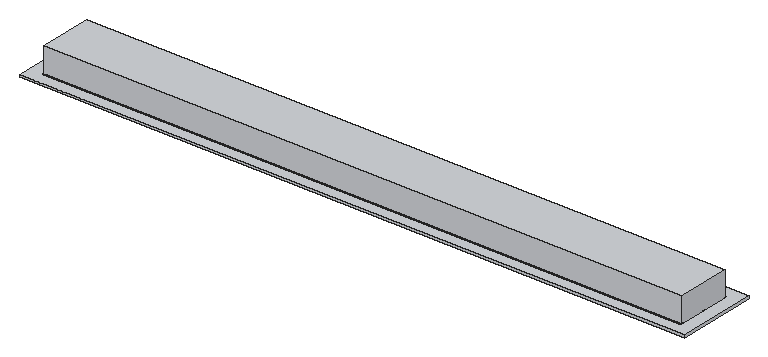
Revit family "PE GRD Supply", category Air Terminals, Revit 2025
Family settings
  Round Connector Dimension = Use Diameter
  Part Type = Normal
  Work Plane-Based = No
  Always vertical = Yes
  Cut with Voids When Loaded = No
  Maintain Annotation Orientation = No
  Shared = No
  Room Calculation Point = No
Parameters (values of type "Slot")
  _vane spacing = 0' - 0"
  _opening inset widthwise = 0' - 1"
  _opening inset lengthwise = _opening inset widthwise  # 0' - 1"
  _neck depth = 0' - 2"
  _flange thickness = 0' - 0 5/32"
  _flange size widthwise = 0' - 1"
  _flange size lengthwise = _flange size widthwise  # 0' - 1"
  _flange opening thickness = _flange thickness - 0' 0 1/32"  # 0' - 0 1/8"
  _clearance = 0' - 1"
  _calc vane half count = if(_vane spacing = 0' 0", 0, roundup((PE_M_Grd_OpenWidth / 2) / _vane spacing))  # 0
  __PE GRD INSTRUCTIONS = "When modeling:\r\n1. Choose GRD family of correct system type (Exhaust, Intake, Return, Supply)\r\n2. Choose family type matching GRD model you intend to place\r\n3. Set \"PE_G___TagInstance\" according to the location and device type\r\n\r\nGRD model missing:\r\n1. Find GRD family of intended system type (Exhaust, Intake, Return, Supply)\r\n2. Create new family type (e.g. \"Price LBP15A\")\r\n3. Using manufacturer documentation, set parameters:\r\n    - to control neck: \"PE_M_Grd_Neck...\"\r\n    - to control opening: \"_opening inset...\"\r\n    - to control device face: \"_flange size...\"\r\n    - to control rough opening: \"_clearance\"\r\n    - to control vane/blade spacing: \"_vane spacing\""
  PE_M___ServesSystem [instance] = ""
  PE_M___ServesRoom [instance] = ""
  PE_M___ServesEquip [instance] = ""
  PE_M_Grd_RoughOpenWidth = PE_M_Grd_NeckWidth + _clearance * 2  # 0' - 6"
  PE_M_Grd_RoughOpenLength = PE_M_Grd_NeckLength + _clearance * 2  # 4' - 2"
  PE_M_Grd_OpenWidth = PE_M_Grd_DeviceWidth - _opening inset widthwise * 2  # 0' - 4"
  PE_M_Grd_OpenLength = PE_M_Grd_DeviceLength - _opening inset lengthwise * 2  # 4' - 0"
  PE_M_Grd_NeckWidth = 0' - 4"
  PE_M_Grd_NeckLength = 4' - 0"
  PE_M_Grd_ExternalStaticPressure [instance] = 0.00 in-wg
  PE_M_Grd_DeviceWidth = 0' - 6"
  PE_M_Grd_DeviceLength = 4' - 2"
  PE_M_Grd_AirFlow [instance] = 0 CFM
  PE_M_Fan_Filter [instance] = ""
  PE_G___Weight = -1
  PE_G___URL = ""
  PE_G___TagType = ""
  PE_G___TagInstance [instance] = "SSX-#"
  PE_G___SoundLevel [instance] = -1
  PE_G___NotesType = ""
  PE_G___NotesInstance [instance] = ""
  PE_G___Model = ""
  PE_G___Manufacturer = ""
  PE_G___Location [instance] = ""
  PE_G___Description = ""
  PE_G___Controller [instance] = ""
  Default Elevation = 0' - 0"
Types (4): name | _vane spacing | _opening inset widthwise | _opening inset lengthwise | _flange size widthwise | _flange size lengthwise | _calc vane half count | PE_M_Grd_RoughOpenWidth | PE_M_Grd_RoughOpenLength | PE_M_Grd_OpenWidth | PE_M_Grd_OpenLength | PE_M_Grd_NeckWidth | PE_M_Grd_NeckLength | PE_M_Grd_ExternalStaticPressure | PE_M_Grd_DeviceWidth | PE_M_Grd_DeviceLength | PE_M_Grd_AirFlow | PE_G___URL | PE_G___TagInstance | PE_G___SoundLevel | PE_G___NotesType | PE_G___Manufacturer | PE_G___Description
  Bar | 0' - 0 3/4" | 0' - 1" | 0' - 1" | 0' - 0 1/2" | 0' - 0 1/2" | 19 | 2' - 7" | 1' - 10" | 2' - 4" | 1' - 7" | 2' - 5" | 1' - 8" | 0.00 in-wg | 2' - 6" | 1' - 9" | 0 CFM | "" | "SBX-#" | -1 | "" | "" | ""
  Grille | 0' - 0 3/4" | 0' - 1" | 0' - 1" | 0' - 0 1/2" | 0' - 0 1/2" | 13 | 1' - 10" | 1' - 0" | 1' - 7" | 0' - 9" | 1' - 8" | 0' - 10" | 0.00 in-wg | 1' - 9" | 0' - 11" | 0 CFM | "" | "SGX-#" | -1 | "FG4 Series" | "Shoemaker Manufacturing" | ""
  Price LBP15A | 0' - 0 1/4" | 0' - 0" | 0' - 0" | 0' - 0" | 0' - 0" | 8 | 0' - 6" | 4' - 2" | 0' - 4" | 4' - 0" | 0' - 4" | 4' - 0" | 0.024 in-wg | 0' - 4" | 4' - 0" | 292 CFM | "https://www.priceindustries.com/content/uploads/assets/literature/catalogs/lbplbphlbmlbmh-linear-bar-grille-catalog.pdf" | "SBX-#" | 79 | "" | "" | "4\" Price LBP15A @ 0.024 in-wg static pressure"
  Slot | 0' - 0" | 0' - 1" | 0' - 1" | 0' - 1" | 0' - 1" | 0 | 0' - 6" | 4' - 2" | 0' - 4" | 4' - 0" | 0' - 4" | 4' - 0" | 0.00 in-wg | 0' - 6" | 4' - 2" | 0 CFM | "" | "SSX-#" | -1 | "" | "" | ""
Reference planes (in)
  plane 1 "Center (Front/Back)": y = 0
  plane 2: z = 0
  plane 3 "Center (Left/Right)": x = 0
  plane 4 "neck (Left)": x = -24
  plane 5 "neck (Right)": x = 24
  plane 6 "opening (Left)": x = -24
  plane 7 "opening (Right)": x = 24
  plane 8 "device (Left)": x = -25
  plane 9 "device (Right)": x = 25
  plane 10 "neck (Back)": y = 2
  plane 11 "neck (Front)": y = -2
  plane 12 "opening (Back)": y = 2
  plane 13 "opening (Front)": y = -2
  plane 14 "device (Back)": y = 3
  plane 15 "device (Front)": y = -3
Forms (in)
  Extrusion 1, solid
    sketch origin (0, 0, 0) x (1, 0, 0) y (0, 1, 0)
      loop
        line (24, 2) -> (-24, 2) -> (-24, -2) -> (24, -2) -> (24, 2)
    from 0.125 <- "_flange opening thickness" to 2 <- "_neck depth"
  Extrusion 2, solid
    sketch origin (0, 0, 0) x (1, 0, 0) y (0, 1, 0)
      loop
        line (-25, 3) -> (-25, -3) -> (25, -3) -> (25, 3) -> (-25, 3)
    from 0 to 0.15625 <- "_flange thickness"
  Extrusion 3, void
    sketch origin (0, 0, 0) x (1, 0, 0) y (0, 1, 0)
      loop
        line (-24, 2) -> (-24, -2) -> (24, -2) -> (24, 2) -> (-24, 2)
    from 0 to 0.15625 <- "_flange thickness"
Cuts and joins
  Extrusion 3 cuts Extrusion 1
  Extrusion 3 cuts Extrusion 2
Dimensions and locks (in)
  "PE_M_Grd_NeckLength": plane 4 "neck (Left)" to plane 5 "neck (Right)"
  equal spacing: plane 4 "neck (Left)", plane 3 "Center (Left/Right)", plane 5 "neck (Right)"
  "PE_M_Grd_OpenLength": plane 6 "opening (Left)" to plane 7 "opening (Right)"
  equal spacing: plane 6 "opening (Left)", plane 3 "Center (Left/Right)", plane 7 "opening (Right)"
  "PE_M_Grd_DeviceLength": plane 8 "device (Left)" to plane 9 "device (Right)"
  equal spacing: plane 8 "device (Left)", plane 3 "Center (Left/Right)", plane 9 "device (Right)"
  "PE_M_Grd_NeckWidth": plane 10 "neck (Back)" to plane 11 "neck (Front)"
  equal spacing: plane 10 "neck (Back)", plane 1 "Center (Front/Back)", plane 11 "neck (Front)"
  "PE_M_Grd_OpenWidth": plane 12 "opening (Back)" to plane 13 "opening (Front)"
  equal spacing: plane 12 "opening (Back)", plane 1 "Center (Front/Back)", plane 13 "opening (Front)"
  "PE_M_Grd_DeviceWidth": plane 14 "device (Back)" to plane 15 "device (Front)"
  equal spacing: plane 14 "device (Back)", plane 1 "Center (Front/Back)", plane 15 "device (Front)"
  group 1 to group 2 = 0' - 0"  (x2)
  group 1 to group 2 = 0' - 2"
  group 1 to group 3 = 0' - 0"  (x2)
  group 3 to group 1 = 0' - 2"
  aligned and locked: plane 2 to level
  aligned and locked: Extrusion 1 sketch curve to plane 10 "neck (Back)"
  aligned and locked: plane 5 "neck (Right)" to Extrusion 1 sketch curve
  aligned and locked: plane 11 "neck (Front)" to Extrusion 1 sketch curve
  aligned and locked: Extrusion 1 sketch curve to plane 4 "neck (Left)"
  aligned and locked: plane 14 "device (Back)" to Extrusion 2 sketch curve
  aligned and locked: plane 8 "device (Left)" to Extrusion 2 sketch curve
  aligned and locked: Extrusion 2 sketch curve to plane 15 "device (Front)"
  aligned and locked: Extrusion 2 sketch curve to plane 9 "device (Right)"
  aligned and locked: plane 12 "opening (Back)" to Extrusion 3 sketch curve
  aligned and locked: plane 6 "opening (Left)" to Extrusion 3 sketch curve
  aligned and locked: Extrusion 3 sketch curve to plane 13 "opening (Front)"
  aligned and locked: Extrusion 3 sketch curve to plane 7 "opening (Right)"
  aligned and locked: plane 3 "Center (Left/Right)" to nested 1
  aligned and locked: plane 1 "Center (Front/Back)" to nested 1
  aligned and locked: plane 12 "opening (Back)" to nested 2
  aligned and locked: plane 13 "opening (Front)" to nested 3
Nested families (in)
  nested 1: "vane" at (0, 0, 0), type "type one"
    with _vane length 4' - 0"
  nested 2: "vane" at (0, 2, 0), type "type one"
    with _vane length 4' - 0"
  nested 3: "vane" at (0, -2, 0), type "type one"
    with _vane length 4' - 0"
Connectors (in)
  hvac at (0, 0, 2), driven by "PE_M_Grd_NeckLength", driven by "PE_M_Grd_NeckWidth", driven by "PE_M_Grd_AirFlow"
    settings: on cut or joined group of Extrusion 1, Extrusion 3, index 1, duct flow 0 CFM, flow factor 0, pres drop 0.00 in-wg, loss coef 0, conn angle 0.00°, conn width 4", conn height 48", conn diameter 24", duct sys type 1, conn prof type 1, flow config 1, flow direction 1, loss method 0, conn ref index -1, conn util no, is conn primary yes, conn desc ""
Definition of nested family "vane"
  Parameters (values of type "type one")
    _vane thickness = 0' - 0 5/32"
    _vane length = 3' - 11"
    Default Elevation = 0' - 0"
  Types (2): name | _vane thickness | _vane length
    type one | 0' - 0 5/32" | 3' - 11"
    type two | 0' - 0" | 1' - 10"
  Reference planes (in)
    plane 1 "Center (Front/Back)": y = 0
    plane 2: z = 0
    plane 3 "Center (Left/Right)": x = 0
    plane 4: x = -23.5
    plane 5: x = 23.5
  Forms (in)
    Extrusion 1, solid
      sketch origin (0.07341, -0.125, 0) x (1, 0, 0) y (0, 1, 0)
        loop
          line (-23.57341, 0) -> (23.42659, 0) -> (23.42659, 0.25) -> (-23.57341, 0.25) -> (-23.57341, 0)
      from 0 to 0.15625 <- "_vane thickness"
  Dimensions and locks (in)
    equal spacing: plane 4, plane 3 "Center (Left/Right)", plane 5
    "_vane length": plane 4 to plane 5
    aligned and locked: plane 2 to level
    aligned and locked: Extrusion 1 to plane 4
    aligned and locked: Extrusion 1 to plane 5
  Automatic sketch dimensions
    Extrusion 1 sketch curve to plane 3 "Center (Left/Right)" = 1' - 11 1/2"
    Extrusion 1 sketch curve to plane 1 "Center (Front/Back)" = 0' - 0 1/8"
    Extrusion 1 sketch curve to plane 5 = 0' - 0"
    plane 1 "Center (Front/Back)" to Extrusion 1 sketch curve = 0' - 0 1/8"
